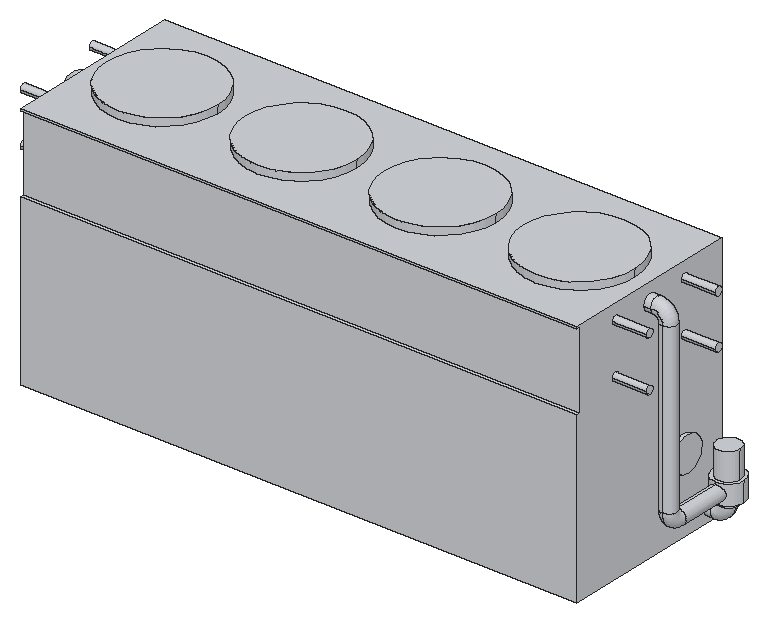
Revit family "M_Torre de resfriamento - Circuito fechado - Contra fluxo - 133-378 kW", category Equipamento mecânico, Revit 2019
Family settings
  Cota do conector redondo = Usar raio
  Tipo de parte = Normal
  Número OmniClass = 23.75.10.37.11
  Título OmniClass = Mechanical-Draft Cooling Towers
  ID de item do Seek = Cooling Tower - Closed Circuit - Counterflow - 133-378 kW-0000-CAN-ENU
  Com base no plano de trabalho = Não
  Sempre na vertical = Sim
  Corte com vazios quando carregada = Não
  Compartilhado = Não
  Ponto de cálculo do ambiente = Não
Parameters (values of type "133 kW")
  Voltagem = 460 V
  Visível 2 = no
  Visível 1 = yes
  Largura da torre = 2390 mm
  Material da torre = none
  Comprimento da torre = 7340 mm
  Altura da torre = 3360 mm
  Raio 2 = Comprimento da torre / 14  # 524.286 mm
  Raio 1 = Comprimento da torre / 10  # 734 mm
  Raio da água composta = 25 mm
  Queda de pressão da água composta [instance] = 0.0 Pa
  Classificação de carga = Refrigeração
  Raio da drenagem = 50 mm
  Queda de pressão da água da refrigeração [instance] = 483000.0 Pa
  Número de pólos = 3
  Número de ventiladores = 4
  HP do motor = 60
  Fluxo de água composto [instance] = 0.05 * Fluxo da água da refrigeração / 100  # 0.03595 L/s
  Comprimento 2 = 470 mm
  Comprimento 1 = 460 mm
  Altura 1 = 2220 mm
  Perda de calor [instance] = 133000 W
  Fluxo de ar do ventilador [instance] = 49400.0 L/s
  Distância 2 = 670 mm
  Distância 1 = 1140 mm
  Raio da água da refrigeração = Diâmetro da água da refrigeração / 2  # 50 mm
  Fluxo da água da refrigeração [instance] = 71.9 L/s
  Diâmetro da água da refrigeração = 100 mm
  C9 Deslocamento 2 = 890 mm
  C9 Deslocamento 1 = 980 mm
  C7 Deslocamento 2 = 180 mm
  C10 Deslocamento 2 = 83 mm
  C10 Deslocamento 1 = 980 mm
  C1 Deslocamento 1 = 620 mm
  Carga aparente = 37600 VA
Types (17, lengths in mm): name | Visível 2 | Visível 1 | Largura da torre | Comprimento da torre | Altura da torre | Raio 2 | Raio 1 | Queda de pressão da água da refrigeração | Número de ventiladores | HP do motor | Fluxo de água composto | Comprimento 2 | Comprimento 1 | Altura 1 | Perda de calor | Fluxo de ar do ventilador | Distância 2 | Distância 1 | Fluxo da água da refrigeração | C9 Deslocamento 2 | C9 Deslocamento 1 | C7 Deslocamento 2 | C10 Deslocamento 2 | C10 Deslocamento 1 | C1 Deslocamento 1 | Carga aparente
  (no name) | no | yes | 2390 | 7340 | 3360 | 524.286 | 734 | 483000.0 Pa | 4 | 60 | 0.03595 L/s | 470 | 460 | 2220 | 133000 W | 49400.0 L/s | 670 | 1140 | 71.9 L/s | 890 | 980 | 180 | 83 | 980 | 620 | 37600 VA
  292 kW | no | yes | 2990 | 11010 | 3930 | 786.429 | 1101 | 517000.0 Pa | 4 | 117 | 0.053 L/s | 500 | 630 | 2220 | 292000 W | 76600.0 L/s | 690 | 1220 | 106.0 L/s | 890 | 980 | 180 | 83 | 980 | 620 | 73300 VA
  316 kW | yes | no | 2990 | 11020 | 4030 | 787.143 | 1102 | 552000.0 Pa | 6 | 75 | 0.065 L/s | 530 | 660 | 2600 | 316000 W | 106000.0 L/s | 780 | 1450 | 130.0 L/s | 790 | 1270 | 120 | 95 | 600 | 770 | 47000 VA
  355 kW | yes | no | 2990 | 11020 | 4250 | 787.143 | 1102 | 552000.0 Pa | 6 | 75 | 0.065 L/s | 530 | 660 | 2600 | 355000 W | 103000.0 L/s | 780 | 1450 | 130.0 L/s | 790 | 1270 | 120 | 95 | 600 | 770 | 47000 VA
  378 kW | yes | no | 2990 | 11020 | 4460 | 787.143 | 1102 | 552000.0 Pa | 6 | 75 | 0.065 L/s | 530 | 660 | 2600 | 378000 W | 100000.0 L/s | 780 | 1450 | 130.0 L/s | 790 | 1270 | 120 | 95 | 600 | 770 | 47000 VA
  133 kW | no | yes | 2390 | 7340 | 3360 | 524.286 | 734 | 483000.0 Pa | 4 | 60 | 0.03595 L/s | 470 | 460 | 2220 | 133000 W | 49400.0 L/s | 670 | 1140 | 71.9 L/s | 890 | 980 | 180 | 83 | 980 | 620 | 37600 VA
  162 kW | no | yes | 2390 | 7340 | 3550 | 524.286 | 734 | 483000.0 Pa | 4 | 70 | 0.03595 L/s | 470 | 460 | 2220 | 162000 W | 51500.0 L/s | 690 | 1170 | 71.9 L/s | 890 | 980 | 180 | 83 | 980 | 620 | 43900 VA
  172 kW | yes | no | 2390 | 5500 | 3800 | 392.857 | 550 | 517000.0 Pa | 6 | 90 | 0.0325 L/s | 430 | 430 | 2600 | 172000 W | 50600.0 L/s | 780 | 1450 | 65.0 L/s | 790 | 1270 | 120 | 95 | 600 | 770 | 56400 VA
  181 kW | no | yes | 2390 | 7340 | 3740 | 524.286 | 734 | 483000.0 Pa | 4 | 90 | 0.03595 L/s | 470 | 460 | 2220 | 181000 W | 55500.0 L/s | 690 | 1190 | 71.9 L/s | 890 | 980 | 180 | 83 | 980 | 620 | 56400 VA
  193 kW | no | yes | 2990 | 7340 | 3930 | 524.286 | 734 | 483000.0 Pa | 4 | 90 | 0.03595 L/s | 470 | 460 | 2220 | 193000 W | 54400.0 L/s | 690 | 1220 | 71.9 L/s | 890 | 980 | 180 | 83 | 980 | 620 | 56400 VA
  202 kW | no | yes | 2990 | 11010 | 3360 | 786.429 | 1101 | 517000.0 Pa | 4 | 97 | 0.053 L/s | 500 | 630 | 2220 | 202000 W | 75600.0 L/s | 690 | 1140 | 106.0 L/s | 890 | 980 | 180 | 83 | 980 | 620 | 60800 VA
  209 kW | yes | no | 2990 | 5490 | 4030 | 392.143 | 549 | 517000.0 Pa | 6 | 90 | 0.0325 L/s | 430 | 430 | 2600 | 209000 W | 53000.0 L/s | 780 | 1450 | 65.0 L/s | 790 | 1270 | 120 | 95 | 600 | 770 | 56400 VA
  234 kW | yes | no | 2990 | 5490 | 4250 | 392.143 | 549 | 517000.0 Pa | 6 | 90 | 0.0325 L/s | 430 | 430 | 2600 | 234000 W | 51300.0 L/s | 780 | 1450 | 65.0 L/s | 790 | 1270 | 120 | 95 | 600 | 770 | 56400 VA
  244 kW | no | yes | 2390 | 11010 | 3550 | 786.429 | 1101 | 517000.0 Pa | 4 | 99 | 0.053 L/s | 500 | 630 | 2220 | 244000 W | 74100.0 L/s | 690 | 1170 | 106.0 L/s | 890 | 980 | 180 | 83 | 980 | 620 | 62000 VA
  249 kW | yes | no | 2390 | 5490 | 4460 | 392.143 | 549 | 517000.0 Pa | 6 | 90 | 0.0325 L/s | 430 | 430 | 2600 | 249000 W | 50100.0 L/s | 780 | 1450 | 65.0 L/s | 790 | 1270 | 120 | 95 | 600 | 770 | 56400 VA
  255 kW | yes | no | 2390 | 11020 | 3820 | 787.143 | 1102 | 552000.0 Pa | 6 | 65 | 0.065 L/s | 530 | 660 | 2600 | 255000 W | 101000.0 L/s | 780 | 1450 | 130.0 L/s | 790 | 1270 | 120 | 95 | 600 | 770 | 40700 VA
  274 kW | no | yes | 2390 | 11010 | 3740 | 786.429 | 1101 | 517000.0 Pa | 4 | 115 | 0.053 L/s | 500 | 630 | 2220 | 274000 W | 78200.0 L/s | 690 | 1190 | 106.0 L/s | 890 | 980 | 180 | 83 | 980 | 620 | 72000 VA
Reference planes
  plane 1 "Centro (Frente/Trás)": y = 0
  plane 2: z = 0
  plane 3 "Centro (Esquerda/Direita)": x = 0
  plane 4: y = 2390
  plane 5: x = 7340
  plane 6: x = -460
  plane 7: y = 50.8
  plane 8: z = 3360
  plane 9: z = 3236.175
  plane 10: z = 3261.575
  plane 11: z = 2220
  plane 12 "2": x = -256.8
  plane 13 "1": y = 2186.8
  plane 14: z = 1066.8
  plane 15: z = 83
  plane 16: z = 184.6
  plane 17: z = 337
  plane 18: z = 387.8
  plane 19: z = 641.8
  plane 20: z = 997.4
  plane 21: z = 514.8
  plane 22: x = -104.4
  plane 23: x = 7800
  plane 24 "4": x = 7596.8
  plane 25: x = 7444.4
  plane 26: y = 1770
  plane 27: y = 630
  plane 28 "3": y = 1200
  plane 29: y = 1352.4
  plane 30: z = 667.2
  plane 31: z = 3134.575
  plane 32: z = 2880.575
  plane 33: z = 3032.975
  plane 34: z = 2400
  plane 35: z = 3070
  plane 36: z = 890
  plane 37: y = 1410
  plane 38: y = 1410
  plane 39: x = -50.8
  plane 40: x = 7390.8
  plane 41: z = 2093
  plane 42: z = 127
  plane 43: x = 127
  plane 44: x = 7213
  plane 45: z = 1812.143
  plane 46: z = 1531.286
  plane 47: z = 1250.429
  plane 48: z = 969.571
  plane 49: z = 688.714
  plane 50: z = 407.857
  plane 51: x = 3670
  plane 52: x = 5505
  plane 53: x = 1835
  plane 54: x = 4893.333
  plane 55: x = 6116.667
  plane 56: x = 2446.667
  plane 57: x = 1223.333
  plane 58: x = 6728.333
  plane 59: x = 611.667
  plane 60: x = 3058.333
  plane 61: x = 4281.667
  plane 62: x = 2752.5
  plane 63: x = 4587.5
  plane 64: x = 917.5
  plane 65: x = 6422.5
  plane 66: y = 1195
Forms (mm)
  Extrusion 1, solid, material <- "Material da torre"
    sketch origin (0, 0, 0) x (0, 1, 0) y (0, 0, 1)
      loop
        line (2390, 3261.575) -> (0, 3261.575) -> (0, 3236.175) -> (50.8, 3236.175) -> (50.8, 2220) -> (0, 2220) -> (0, 0) -> (2390, 0) -> (2390, 3261.575)
    from 7340 to 0
  Extrusion 2, solid, material <- "Material da torre", detail levels medium+fine
    sketch origin (0, 0, 0) x (1, 0, 0) y (0, 1, 0)
      loop
        circle (-256.8, 2186.8) r 203.2
      loop
        circle (7596.8, 2186.8) r 203.2
    from 387.8 to 641.35
  Extrusion 3, solid, material <- "Material da torre", detail levels medium+fine
    sketch origin (0, 0, 0) x (1, 0, 0) y (0, 1, 0)
      loop
        circle (-256.8, 2186.8) r 152.4
      loop
        circle (7596.8, 2186.8) r 152.4
    from 337 to 997.4
  Sweep 4, solid, material <- "Material da torre", detail levels medium+fine
    path in 3D
      loop
        arc (-256.8, 2186.8, 337) -> (-212.163, 2186.8, 229.237) -> (-104.4, 2186.8, 184.6) r 152.4
        line (-104.4, 2186.8, 184.6) -> (0, 2186.8, 184.6)
    profile origin (-52.2, 2186.8, 184.6) x (0, 0, -1) y (0, 1, 0)
      loop
        circle (0, 0) r 101.6
  Sweep 5, solid, material <- "Material da torre", detail levels medium+fine
    path in 3D
      loop
        arc (7596.8, 2186.8, 337) -> (7552.163, 2186.8, 229.237) -> (7444.4, 2186.8, 184.6) r 152.4
        line (7444.4, 2186.8, 184.6) -> (7340, 2186.8, 184.6)
    profile origin (7392.2, 2186.8, 184.6) x (0, 0, 1) y (0, 1, 0)
      loop
        circle (0, 0) r 101.6
  Sweep 6, solid, material <- "Material da torre", detail levels medium+fine
    path in 3D
      loop
        line (-256.8, 2186.8, 514.8) -> (-256.8, 1352.4, 514.8)
        arc (-256.8, 1352.4, 514.8) -> (-256.8, 1244.637, 559.437) -> (-256.8, 1200, 667.2) r 152.4
        line (-256.8, 1200, 667.2) -> (-256.8, 1200, 2880.575)
        arc (-256.8, 1200, 2880.575) -> (-212.163, 1200, 2988.338) -> (-104.4, 1200, 3032.975) r 152.4
        line (-104.4, 1200, 3032.975) -> (0, 1200, 3032.975)
    profile origin (-256.8, 1769.6, 514.8) x (0, 0, -1) y (1, 0, 0)
      loop
        circle (0, 0) r 101.6
  Sweep 7, solid, material <- "Material da torre", detail levels medium+fine
    path in 3D
      loop
        line (7596.8, 2186.8, 514.8) -> (7596.8, 1352.4, 514.8)
        arc (7596.8, 1352.4, 514.8) -> (7596.8, 1244.637, 559.437) -> (7596.8, 1200, 667.2) r 152.4
        line (7596.8, 1200, 667.2) -> (7596.8, 1200, 2880.575)
        arc (7596.8, 1200, 2880.575) -> (7552.163, 1200, 2988.338) -> (7444.4, 1200, 3032.975) r 152.4
        line (7444.4, 1200, 3032.975) -> (7340, 1200, 3032.975)
    profile origin (7596.8, 1769.6, 514.8) x (0, 0, -1) y (1, 0, 0)
      loop
        circle (0, 0) r 101.6
  Extrusion 8, solid, material <- "Material da torre"
    sketch origin (7596.8, 0, 0) x (0, 1, 0) y (0, 0, 1)
      loop
        circle (1770, 3070) r 50
      loop
        circle (630, 3070) r 50
      loop
        circle (1770, 2400) r 50
      loop
        circle (630, 2400) r 50
    from -8056.8 to -7596.8
  Extrusion 9, solid, material <- "Material da torre"
    sketch origin (7596.8, 0, 0) x (0, 1, 0) y (0, 0, 1)
      loop
        circle (1770, 3070) r 50
      loop
        circle (630, 3070) r 50
      loop
        circle (1770, 2400) r 50
      loop
        circle (630, 2400) r 50
    from -256.8 to 203.2
  Extrusion 10, solid, material <- "Material da torre"
    sketch origin (7596.8, 0, 0) x (0, 1, 0) y (0, 0, 1)
      loop
        circle (1410, 890) r 25
      loop
        circle (1770, 997.4) r 228.6
      loop
        circle (1410, 83) r 50
    from -7647.6 to -7596.8
  Extrusion 11, solid, material <- "Material da torre"
    sketch origin (7596.8, 0, 0) x (0, 1, 0) y (0, 0, 1)
      loop
        circle (1770, 997.4) r 228.6
    from -256.8 to -206
  Extrusion 12, solid, material <- "Material da torre", visible <- "Visível 1"
    sketch origin (0, 0, 0) x (1, 0, 0) y (0, 1, 0)
      loop
        circle (917.5, 1195) r 734
      loop
        circle (2752.5, 1195) r 734
      loop
        circle (4587.5, 1195) r 734
      loop
        circle (6422.5, 1195) r 734
    from 3261.575 to 3360
  Extrusion 13, solid, material <- "Material da torre", visible <- "Visível 2"
    sketch origin (0, 0, 0) x (1, 0, 0) y (0, 1, 0)
      loop
        circle (611.667, 1195) r 524.286
      loop
        circle (1835, 1195) r 524.286
      loop
        circle (3058.333, 1195) r 524.286
      loop
        circle (4281.667, 1195) r 524.286
      loop
        circle (5505, 1195) r 524.286
      loop
        circle (6728.333, 1195) r 524.286
    from 3261.575 to 3360
Cuts and joins
  joined: Extrusion 2, Extrusion 3, Sweep 4, Sweep 5, Sweep 6, Sweep 7
  joined: Extrusion 1, Extrusion 8, Extrusion 9, Extrusion 10, Extrusion 11
Lines and regions (mm)
  reference lines
    curve 1: arc (-256.8, 2186.8, 337) -> (-212.163, 2186.8, 229.237) -> (-104.4, 2186.8, 184.6) r 152.4
    curve 2: line (-104.4, 2186.8, 184.6) -> (0, 2186.8, 184.6)
    curve 5: arc (7444.4, 2186.8, 184.6) -> (7552.163, 2186.8, 229.237) -> (7596.8, 2186.8, 337) r 152.4
    curve 6: line (7444.4, 2186.8, 184.6) -> (7340, 2186.8, 184.6)
    curve 9: line (-256.8, 2186.8, 514.8) -> (-256.8, 1352.4, 514.8)
    curve 10: arc (-256.8, 1352.4, 514.8) -> (-256.8, 1244.637, 559.437) -> (-256.8, 1200, 667.2) r 152.4
    curve 11: line (-256.8, 1200, 667.2) -> (-256.8, 1200, 2880.575)
    curve 12: arc (-256.8, 1200, 2880.575) -> (-212.163, 1200, 2988.338) -> (-104.4, 1200, 3032.975) r 152.4
    curve 13: line (-104.4, 1200, 3032.975) -> (0, 1200, 3032.975)
    curve 19: line (7596.8, 2186.8, 514.8) -> (7596.8, 1352.4, 514.8)
    curve 20: arc (7596.8, 1352.4, 514.8) -> (7596.8, 1244.637, 559.437) -> (7596.8, 1200, 667.2) r 152.4
    curve 21: line (7596.8, 1200, 667.2) -> (7596.8, 1200, 2880.575)
    curve 22: arc (7596.8, 1200, 2880.575) -> (7552.163, 1200, 2988.338) -> (7444.4, 1200, 3032.975) r 152.4
    curve 23: line (7444.4, 1200, 3032.975) -> (7340, 1200, 3032.975)
  sketch lines
    curve 3: line (-104.4, 2186.8, 184.6) -> (0, 2186.8, 184.6)
    curve 4: arc (-256.8, 2186.8, 337) -> (-212.163, 2186.8, 229.237) -> (-104.4, 2186.8, 184.6) r 152.4
    curve 7: line (7444.4, 2186.8, 184.6) -> (7340, 2186.8, 184.6)
    curve 8: arc (7444.4, 2186.8, 184.6) -> (7552.163, 2186.8, 229.237) -> (7596.8, 2186.8, 337) r 152.4
    curve 14: line (-256.8, 2186.8, 514.8) -> (-256.8, 1352.4, 514.8)
    curve 15: arc (-256.8, 1352.4, 514.8) -> (-256.8, 1244.637, 559.437) -> (-256.8, 1200, 667.2) r 152.4
    curve 16: line (-256.8, 1200, 667.2) -> (-256.8, 1200, 2880.575)
    curve 17: arc (-256.8, 1200, 2880.575) -> (-212.163, 1200, 2988.338) -> (-104.4, 1200, 3032.975) r 152.4
    curve 18: line (-104.4, 1200, 3032.975) -> (0, 1200, 3032.975)
    curve 24: line (7596.8, 2186.8, 514.8) -> (7596.8, 1352.4, 514.8)
    curve 25: arc (7596.8, 1352.4, 514.8) -> (7596.8, 1244.637, 559.437) -> (7596.8, 1200, 667.2) r 152.4
    curve 26: line (7596.8, 1200, 667.2) -> (7596.8, 1200, 2880.575)
    curve 27: arc (7596.8, 1200, 2880.575) -> (7552.163, 1200, 2988.338) -> (7444.4, 1200, 3032.975) r 152.4
    curve 28: line (7444.4, 1200, 3032.975) -> (7340, 1200, 3032.975)
  model lines, detail levels medium+fine
    curve 29: line (127, 0, 2093) -> (7213, 0, 2093)
    curve 30: line (127, 0, 127) -> (127, 0, 2093)
    curve 31: line (7213, 0, 127) -> (127, 0, 127)
    curve 32: line (7213, 0, 2093) -> (7213, 0, 127)
    curve 33: line (127, 0, 1812.143) -> (7213, 0, 1812.143)
    curve 34: line (7213, 0, 1531.286) -> (127, 0, 1531.286)
    curve 35: line (127, 0, 1250.429) -> (7213, 0, 1250.429)
    curve 36: line (7213, 0, 969.571) -> (127, 0, 969.571)
    curve 37: line (7213, 0, 688.714) -> (127, 0, 688.714)
    curve 38: line (7213, 0, 407.857) -> (127, 0, 407.857)
Dimensions and locks
  "Largura da torre": plane 4 to plane 1 "Centro (Frente/Trás)"
  "Comprimento da torre": plane 3 "Centro (Esquerda/Direita)" to plane 5
  "Comprimento 1": plane 6 to plane 3 "Centro (Esquerda/Direita)"
  locked: plane 7 to plane 1 "Centro (Frente/Trás)" at 50.8
  "Altura da torre": plane 8 to plane 2
  locked: plane 8 to plane 9 at 123.825
  locked: plane 10 to plane 9 at 25.4
  "Altura 1": plane 11 to plane 2
  locked: plane 6 to plane 12 "2" at 203.2
  locked: plane 4 to plane 13 "1" at 203.2
  "C10 Deslocamento 2": plane 15 to plane 2
  locked: plane 16 to plane 15 at 101.6
  locked: plane 17 to plane 16 at 152.4
  locked: plane 18 to plane 17 at 50.8
  locked: plane 19 to plane 18 at 254
  locked: plane 20 to plane 19 at 355.6
  equal spacing: plane 19, plane 21, plane 18
  locked: plane 22 to plane 12 "2" at 152.4
  "Comprimento 1": plane 5 to plane 23
  locked: plane 24 "4" to plane 23 at 203.2
  locked: plane 24 "4" to plane 25 at 152.4
  "C1 Deslocamento 1": plane 4 to plane 26
  "Distância 1": plane 26 to plane 27
  equal spacing: plane 26, plane 28 "3", plane 27
  locked: plane 29 to plane 28 "3" at 152.4
  locked: plane 30 to plane 21 at 152.4
  locked: plane 9 to plane 31 at 101.6
  locked: plane 32 to plane 31 at 254
  locked: plane 32 to plane 33 at 152.4
  "C7 Deslocamento 2": plane 34 to plane 11
  "Distância 2": plane 35 to plane 34
  "C9 Deslocamento 2": plane 36 to plane 2
  "C9 Deslocamento 1": plane 4 to plane 37
  "C10 Deslocamento 1": plane 4 to plane 38
  locked: plane 39 to plane 3 "Centro (Esquerda/Direita)" at 50.8
  locked: plane 5 to plane 40 at 50.8
  locked: plane 11 to plane 41 at 127
  locked: plane 42 to plane 2 at 127
  locked: plane 5 to plane 44 at 127
  locked: plane 43 to plane 3 "Centro (Esquerda/Direita)" at 127
  equal spacing: plane 41, plane 45, plane 46, plane 47, plane 48, plane 49, plane 50, plane 42
  equal spacing: plane 3 "Centro (Esquerda/Direita)", plane 53, plane 51, plane 52, plane 5
  equal spacing: plane 3 "Centro (Esquerda/Direita)", plane 57, plane 56, plane 51
  equal spacing: plane 51, plane 54, plane 55, plane 5
  equal spacing: plane 55, plane 58, plane 5
  equal spacing: plane 51, plane 61, plane 54
  equal spacing: plane 56, plane 60, plane 51
  equal spacing: plane 3 "Centro (Esquerda/Direita)", plane 59, plane 57
  equal spacing: plane 3 "Centro (Esquerda/Direita)", plane 64, plane 53
  equal spacing: plane 53, plane 62, plane 51
  equal spacing: plane 51, plane 63, plane 52
  equal spacing: plane 52, plane 65, plane 5
  equal spacing: plane 4, plane 66, plane 1 "Centro (Frente/Trás)"
  radius of Extrusion 2 sketch curve = 203.2 mm  (x2)
  radius of Extrusion 3 sketch curve = 152.4 mm  (x2)
  radius of curve 1 = 152.4 mm
  radius of Sweep 4 sketch curve = 101.6 mm
  radius of curve 5 = 152.4 mm
  radius of Sweep 5 sketch curve = 101.6 mm
  radius of curve 10 = 152.4 mm
  radius of Sweep 6 sketch curve = 101.6 mm
  radius of curve 20 = 152.4 mm
  radius of curve 22 = 152.4 mm
  radius of Sweep 7 sketch curve = 101.6 mm
  "Raio da água da refrigeração": radius of Extrusion 8 sketch curve  (x4)
  "Raio da água da refrigeração": radius of Extrusion 9 sketch curve  (x4)
  "Raio da drenagem": radius of Extrusion 10 sketch curve
  radius of Extrusion 11 sketch curve = 228.6 mm
  "Raio da água composta": radius of Extrusion 10 sketch curve
  radius of Extrusion 10 sketch curve = 228.6 mm
  "Raio 1": radius of Extrusion 12 sketch curve  (x4)
  "Raio 2": radius of Extrusion 13 sketch curve  (x6)
  aligned and locked: plane 10 to Extrusion 1 sketch curve
  aligned and locked: plane 1 "Centro (Frente/Trás)" to Extrusion 1 sketch curve  (x2)
  aligned and locked: Extrusion 1 sketch curve to plane 9
  aligned and locked: Extrusion 1 sketch curve to plane 7
  aligned and locked: Extrusion 1 sketch curve to plane 2
  aligned and locked: Extrusion 1 sketch curve to plane 4
  aligned and locked: plane 5 to Extrusion 1
  aligned and locked: Extrusion 1 to plane 3 "Centro (Esquerda/Direita)"
  aligned and locked: plane 12 "2" to Extrusion 2 sketch curve
  aligned and locked: plane 13 "1" to Extrusion 2 sketch curve  (x2)
  aligned and locked: Extrusion 2 to plane 18
  aligned and locked: plane 12 "2" to Extrusion 3 sketch curve
  aligned and locked: plane 13 "1" to Extrusion 3 sketch curve  (x2)
  aligned and locked: Extrusion 3 to plane 20
  aligned and locked: Extrusion 3 to plane 17
  aligned and locked: plane 22 to curve 1
  aligned and locked: plane 17 to curve 1
  aligned and locked: plane 24 "4" to Extrusion 2 sketch curve
  aligned and locked: plane 24 "4" to Extrusion 3 sketch curve
  aligned and locked: plane 25 to curve 5
  aligned and locked: plane 17 to curve 5
  aligned and locked: plane 29 to curve 10
  aligned and locked: plane 30 to curve 10
  aligned and locked: plane 22 to curve 12
  aligned and locked: plane 32 to curve 12
  aligned and locked: plane 29 to curve 20
  aligned and locked: plane 30 to curve 20
  aligned and locked: plane 25 to curve 22
  aligned and locked: plane 32 to curve 22
  aligned and locked: plane 26 to Extrusion 8 sketch curve  (x2)
  aligned and locked: plane 35 to Extrusion 8 sketch curve  (x2)
  aligned and locked: plane 34 to Extrusion 8 sketch curve  (x2)
  aligned and locked: plane 27 to Extrusion 8 sketch curve  (x2)
  aligned and locked: Extrusion 8 to plane 6
  aligned and locked: plane 3 "Centro (Esquerda/Direita)" to Extrusion 8
  aligned and locked: plane 27 to Extrusion 9 sketch curve  (x2)
  aligned and locked: plane 35 to Extrusion 9 sketch curve  (x2)
  aligned and locked: plane 34 to Extrusion 9 sketch curve  (x2)
  aligned and locked: plane 26 to Extrusion 9 sketch curve  (x2)
  aligned and locked: Extrusion 9 to plane 5
  aligned and locked: plane 23 to Extrusion 9
  aligned and locked: plane 38 to Extrusion 10 sketch curve
  aligned and locked: plane 15 to Extrusion 10 sketch curve
  aligned and locked: plane 26 to Extrusion 10 sketch curve
  aligned and locked: plane 20 to Extrusion 10 sketch curve
  aligned and locked: plane 37 to Extrusion 10 sketch curve
  aligned and locked: plane 36 to Extrusion 10 sketch curve
  aligned and locked: Extrusion 10 to plane 39
  aligned and locked: plane 3 "Centro (Esquerda/Direita)" to Extrusion 10
  aligned and locked: plane 26 to Extrusion 11 sketch curve
  aligned and locked: plane 20 to Extrusion 11 sketch curve
  aligned and locked: Extrusion 11 to plane 5
  aligned and locked: plane 40 to Extrusion 11
  aligned and locked: plane 43 to curve 29
  aligned and locked: curve 29 to plane 41
  aligned and locked: plane 42 to curve 32
  aligned and locked: curve 32 to plane 44
  aligned and locked: plane 64 to Extrusion 12 sketch curve
  aligned and locked: plane 66 to Extrusion 12 sketch curve  (x4)
  aligned and locked: plane 62 to Extrusion 12 sketch curve
  aligned and locked: plane 63 to Extrusion 12 sketch curve
  aligned and locked: plane 65 to Extrusion 12 sketch curve
  aligned and locked: plane 58 to Extrusion 13 sketch curve
  aligned and locked: plane 66 to Extrusion 13 sketch curve  (x6)
  aligned and locked: plane 52 to Extrusion 13 sketch curve
  aligned and locked: plane 61 to Extrusion 13 sketch curve
  aligned and locked: plane 60 to Extrusion 13 sketch curve
  aligned and locked: plane 53 to Extrusion 13 sketch curve
  aligned and locked: plane 59 to Extrusion 13 sketch curve
  aligned and locked: Extrusion 12 to plane 8
  aligned and locked: Extrusion 12 to plane 10
  aligned and locked: Extrusion 13 to plane 8
  aligned and locked: Extrusion 13 to plane 10
Automatic sketch dimensions
  Extrusion 1 sketch curve to plane 11 = 0 mm
  Sweep 4 sketch curve to profile plane = 0 mm  (x2)
  curve 6 to plane 5 = 0 mm
  curve 2 to plane 3 "Centro (Esquerda/Direita)" = 0 mm
  Sweep 5 sketch curve to profile plane = 0 mm  (x2)
  curve 9 to plane 13 "1" = 0 mm
  curve 11 to plane 32 = 0 mm
  Sweep 6 sketch curve to profile plane = 0 mm  (x2)
  curve 19 to plane 13 "1" = 0 mm
  curve 21 to plane 32 = 0 mm
  curve 13 to plane 33 = 0 mm
  curve 23 to plane 5 = 0 mm
  curve 13 to plane 3 "Centro (Esquerda/Direita)" = 0 mm
  Sweep 7 sketch curve to profile plane = 0 mm  (x2)
  curve 38 to plane 50 = 0 mm
  curve 37 to plane 49 = 0 mm
  curve 36 to plane 48 = 0 mm
  curve 35 to plane 47 = 0 mm
  curve 34 to plane 46 = 0 mm
  curve 33 to plane 45 = 0 mm
Connectors
  piping at (-460, 1770, 3070), diameter 100, driven by "Raio da água da refrigeração", driven by "Queda de pressão da água da refrigeração", driven by "Fluxo da água da refrigeração"
    settings: on Extrusion 8, index 1, connector inside diameter 100 mm, connector length 0 mm, flow factor 0, pipe flow 71.9 L/s, pressure drop 483000.0 Pa, fitting loss kfactor 0, connector angle 0.00°, fixture units 0, engagement length 0 mm, angle of deflection 0.00°, flow configuration 0, flow direction 2, fitting loss method 4, system type 7, joint type 0, gender type 0, connector reference index 5, connector utility 0, adjustable connector no, is connector primary yes, connector description "Saída de água do condensador"
  piping at (7800, 1770, 3070), diameter 100, driven by "Raio da água da refrigeração", driven by "Queda de pressão da água da refrigeração", driven by "Fluxo da água da refrigeração"
    settings: on Extrusion 9, index 2, connector inside diameter 100 mm, connector length 0 mm, flow factor 0, pipe flow 71.9 L/s, pressure drop 483000.0 Pa, fitting loss kfactor 0, connector angle 0.00°, fixture units 0, engagement length 0 mm, angle of deflection 0.00°, flow configuration 0, flow direction 2, fitting loss method 4, system type 7, joint type 0, gender type 0, connector reference index 6, connector utility 0, adjustable connector no, is connector primary no, connector description "Saída de água do condensador"
  piping at (-460, 630, 3070), diameter 100, driven by "Raio da água da refrigeração", driven by "Queda de pressão da água da refrigeração", driven by "Fluxo da água da refrigeração"
    settings: on Extrusion 8, index 3, connector inside diameter 100 mm, connector length 0 mm, flow factor 0, pipe flow 71.9 L/s, pressure drop 483000.0 Pa, fitting loss kfactor 0, connector angle 0.00°, fixture units 0, engagement length 0 mm, angle of deflection 0.00°, flow configuration 0, flow direction 2, fitting loss method 4, system type 7, joint type 0, gender type 0, connector reference index 7, connector utility 0, adjustable connector no, is connector primary no, connector description "Saída de água do condensador"
  piping at (7800, 630, 3070), diameter 100, driven by "Raio da água da refrigeração", driven by "Queda de pressão da água da refrigeração", driven by "Fluxo da água da refrigeração"
    settings: on Extrusion 9, index 4, connector inside diameter 100 mm, connector length 0 mm, flow factor 0, pipe flow 71.9 L/s, pressure drop 483000.0 Pa, fitting loss kfactor 0, connector angle 0.00°, fixture units 0, engagement length 0 mm, angle of deflection 0.00°, flow configuration 0, flow direction 2, fitting loss method 4, system type 7, joint type 0, gender type 0, connector reference index 8, connector utility 0, adjustable connector no, is connector primary no, connector description "Saída de água do condensador"
  piping at (-460, 1770, 2400), diameter 100, driven by "Raio da água da refrigeração", driven by "Fluxo da água da refrigeração"
    settings: on Extrusion 8, index 5, connector inside diameter 100 mm, connector length 0 mm, flow factor 0, pipe flow 71.9 L/s, pressure drop 0.0 Pa, fitting loss kfactor 0, connector angle 0.00°, fixture units 0, engagement length 0 mm, angle of deflection 0.00°, flow configuration 0, flow direction 1, fitting loss method 0, system type 8, joint type 0, gender type 0, connector reference index 1, connector utility 0, adjustable connector no, is connector primary no, connector description "Entrada de água do condensador"
  piping at (7800, 1770, 2400), diameter 100, driven by "Raio da água da refrigeração", driven by "Fluxo da água da refrigeração"
    settings: on Extrusion 9, index 6, connector inside diameter 100 mm, connector length 0 mm, flow factor 0, pipe flow 71.9 L/s, pressure drop 0.0 Pa, fitting loss kfactor 0, connector angle 0.00°, fixture units 0, engagement length 0 mm, angle of deflection 0.00°, flow configuration 0, flow direction 1, fitting loss method 0, system type 8, joint type 0, gender type 0, connector reference index 2, connector utility 0, adjustable connector no, is connector primary no, connector description "Entrada de água do condensador"
  piping at (-460, 630, 2400), diameter 100, driven by "Raio da água da refrigeração", driven by "Fluxo da água da refrigeração"
    settings: on Extrusion 8, index 7, connector inside diameter 100 mm, connector length 0 mm, flow factor 0, pipe flow 71.9 L/s, pressure drop 0.0 Pa, fitting loss kfactor 0, connector angle 0.00°, fixture units 0, engagement length 0 mm, angle of deflection 0.00°, flow configuration 0, flow direction 1, fitting loss method 0, system type 8, joint type 0, gender type 0, connector reference index 3, connector utility 0, adjustable connector no, is connector primary no, connector description "Entrada de água do condensador"
  piping at (7800, 630, 2400), diameter 100, driven by "Raio da água da refrigeração", driven by "Fluxo da água da refrigeração"
    settings: on Extrusion 9, index 8, connector inside diameter 100 mm, connector length 0 mm, flow factor 0, pipe flow 71.9 L/s, pressure drop 0.0 Pa, fitting loss kfactor 0, connector angle 0.00°, fixture units 0, engagement length 0 mm, angle of deflection 0.00°, flow configuration 0, flow direction 1, fitting loss method 0, system type 8, joint type 0, gender type 0, connector reference index 4, connector utility 0, adjustable connector no, is connector primary no, connector description "Entrada de água do condensador"
  piping at (-50.8, 1410, 890), diameter 50, driven by "Raio da água composta", driven by "Queda de pressão da água composta", driven by "Fluxo de água composto"
    settings: on Extrusion 10, index 9, connector inside diameter 50 mm, connector length 0 mm, flow factor 0, pipe flow 0.03595 L/s, pressure drop 0.0 Pa, fitting loss kfactor 0, connector angle 0.00°, fixture units 0, engagement length 0 mm, angle of deflection 0.00°, flow configuration 1, flow direction 1, fitting loss method 4, system type 20, joint type 0, gender type 0, connector reference index -1, connector utility 0, adjustable connector no, is connector primary no, connector description "Entrada de água composta"
  piping at (-50.8, 1410, 83), diameter 100, driven by "Raio da drenagem"
    settings: on Extrusion 10, index 10, connector inside diameter 100 mm, connector length 0 mm, flow factor 0, pipe flow 0.0 L/s, pressure drop 0.0 Pa, fitting loss kfactor 0, connector angle 0.00°, fixture units 0, engagement length 0 mm, angle of deflection 0.00°, flow configuration 1, flow direction 2, fitting loss method 0, system type 16, joint type 0, gender type 0, connector reference index -1, connector utility 0, adjustable connector yes, is connector primary no, connector description "Saída da drenagem"
  electrical at (-256.8, 2186.8, 997.4), driven by "Carga aparente", driven by "Voltagem", driven by "Número de pólos", driven by "Classificação de carga"
    settings: on Extrusion 3, index 11, voltage 460 V, apparent load 37600 VA, apparent load phase1 0 VA, apparent load phase2 0 VA, apparent load phase3 0 VA, power factor 0.8, load classification "Refrigeração", number of poles 3, system type 30, power factor state 1, is connector primary yes, connector utility no, sub classification motor no, connector description ""
